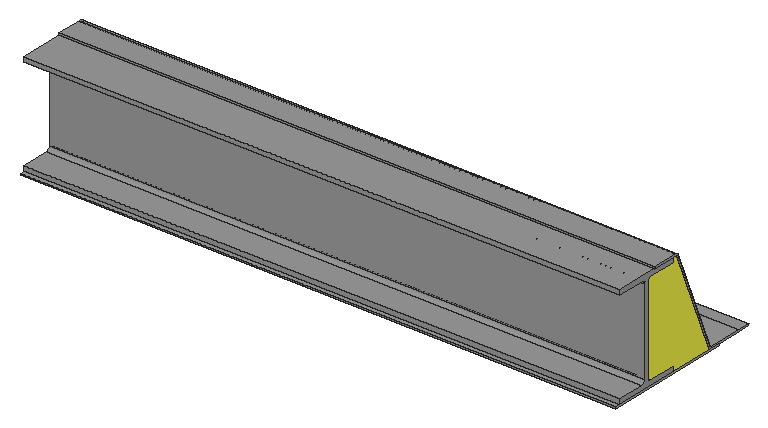
Revit family "XK 90 WIL", category Generic Models, Revit 2014
Parameters (values of type "Max lintel length 6600mm")
  URL = "http://www.keystonelintels.co.uk"
  Structural Opening [instance] = 900 mm
  Structural Performance = "The Keystone lintel range has safe working loads as detailed in each applicable loading table in the Keystone Lintel Guide brochure. The structural performance figures within each table have been ascertained by testing in accordance with the requirements of standards BS EN 5977-2: 1983 and BS EN 845-2: 2003."
  RIBA Productor Selector = "available for Keystone Lintels Ltd from Keystone Lintels Ltd from ribaproductselector.com"
  Model = "X/K 90 WIL"
  Min Length = 600 mm
  Min Clear Span = 300 mm
  Max Length = 6600 mm
  Max Clear Span = 6600 mm
  Material - Stainless Steel = "Grade 304 2b 1.4307 to BS EN 10088-2. Other grades available on request: contact manufacturer."
  Material - Galvanised Steel = "To BS EN 10346: 2009. DX51D plus Z600 or grade Z275 to BS 5977-2: 1983 (BS EN 845-2: 2003)."
  Manufacturer = "Keystone"
  Manufactured Length [instance] = (roundup(Effective Length / 150 mm) * 150 mm)  # 1200 mm
  Lintel height [instance] = 2100 mm
  Keynote = "F30/755"
  Fire Performance = "Keystone lintels have been subjected to a fire test (WARRES No. 101263) in accordance with BS 476-20: 1987, at Exova Warrington Fire and achieved a one hour fire performance."
  End Bearing = 150 mm
  Effective Length [instance] = Clear Opening with MIN MAX set + End Bearing * 2  # 1200 mm
  Corrosion = "Keystone’s standard range of lintels are manufactured from high quality grade pre-galvanized carbon steel with a zinc coating of 600"
  Contact Tel = "+44 (0)28 8676 2184"
  Contact Email = "info@keystonelintels.co.uk"
  Clear Opening with MIN MAX set [instance] = if(Structural Opening < Min Clear Span, Min Clear Span, (if(Structural Opening > Max Clear Span, Max Clear Span, Structural Opening)))  # 900 mm
  CPD Information = "Available for Keystone Lintels Ltd from ribacpd.com"
Reference planes
  plane 1 "Center (Front/Back)": y = 0
  plane 2: z = 0
  plane 3 "Center (Left/Right)": x = 0
  plane 4: x = -600
  plane 5: x = 600
  plane 6: z = 2100
  plane 7: x = -450
  plane 8: x = 450
Forms (mm)
  Extrusion 1, solid, material "Steel"
    sketch origin (0, 690.489, -506.841) x (0, 1, 0) y (0, 0, 1)
      loop
        line (-575.067, 2606.841) -> (-550.081, 2605.979) -> (-550.026, 2609.179) -> (-574.992, 2610.04) -> (-645.135, 2610.04)
        arc (-645.135, 2610.04) -> (-646.143, 2610.349) -> (-646.805, 2611.169) r 1.8
        line (-646.805, 2611.169) -> (-728.26, 2813.745)
        arc (-728.26, 2813.745) -> (-730.178, 2815.999) -> (-733.016, 2816.842) r 5.2
        line (-733.016, 2816.842) -> (-786.016, 2816.842) -> (-786.016, 2813.642) -> (-733.016, 2813.642)
        arc (-733.016, 2813.642) -> (-731.942, 2813.329) -> (-731.204, 2812.489) r 2
        line (-731.204, 2812.489) -> (-649.774, 2609.977)
        arc (-649.774, 2609.977) -> (-647.935, 2607.699) -> (-645.135, 2606.841) r 4.999
        line (-645.135, 2606.841) -> (-575.067, 2606.841)
    from -600 to 600
  Extrusion 2, solid, material "Steel"
    sketch origin (0, 690.489, -506.841) x (0, 1, 0) y (0, 0, 1)
      loop
        line (-873.946, 2606.841) -> (-740.046, 2606.841) -> (-740.046, 2616.441) -> (-796.196, 2616.441)
        arc (-796.196, 2616.441) -> (-801.57, 2618.667) -> (-803.796, 2624.041) r 7.6
        line (-803.796, 2624.041) -> (-803.796, 2796.441)
        arc (-803.796, 2796.441) -> (-801.57, 2801.815) -> (-796.196, 2804.041) r 7.6
        line (-796.196, 2804.041) -> (-740.046, 2804.041) -> (-740.046, 2813.641) -> (-873.946, 2813.641) -> (-873.946, 2804.041) -> (-817.796, 2804.041)
        arc (-817.796, 2804.041) -> (-812.422, 2801.815) -> (-810.196, 2796.441) r 7.6
        line (-810.196, 2796.441) -> (-810.196, 2624.041)
        arc (-810.196, 2624.041) -> (-812.422, 2618.667) -> (-817.796, 2616.441) r 7.6
        line (-817.796, 2616.441) -> (-873.946, 2616.441) -> (-873.946, 2606.841)
    from -600 to 600
  Extrusion 3, solid, material "Steel"
    sketch origin (0, 690.489, -506.841) x (0, 1, 0) y (0, 0, 1)
      loop
        line (-623.946, 2603.641) -> (-623.946, 2606.841) -> (-883.946, 2606.841) -> (-883.946, 2603.641) -> (-623.946, 2603.641)
    from -600 to 600
  Extrusion 4, solid, material "Insulation"
    sketch origin (0, 690.489, -506.841) x (0, 1, 0) y (0, 0, 1)
      loop
        line (-740.046, 2606.841) -> (-645.135, 2606.841)
        arc (-645.135, 2606.841) -> (-647.935, 2607.698) -> (-649.774, 2609.976) r 5
        line (-649.774, 2609.976) -> (-731.204, 2812.487)
        arc (-731.204, 2812.487) -> (-731.942, 2813.328) -> (-733.016, 2813.641) r 2
        line (-733.016, 2813.641) -> (-740.046, 2813.641) -> (-740.046, 2804.041) -> (-796.196, 2804.041)
        arc (-796.196, 2804.041) -> (-801.57, 2801.815) -> (-803.796, 2796.441) r 7.6
        line (-803.796, 2796.441) -> (-803.796, 2624.041)
        arc (-803.796, 2624.041) -> (-801.57, 2618.667) -> (-796.196, 2616.441) r 7.6
        line (-796.196, 2616.441) -> (-740.046, 2616.441) -> (-740.046, 2606.841)
    from -600 to 600
  Extrusion 5, solid, not visible
    sketch origin (0, 1173.002, 1297.752) x (0, 1, 0) y (0, 0, 1)
      loop
        line (-575.067, 1006.841) -> (-550.081, 1005.979) -> (-550.026, 1009.179) -> (-574.992, 1010.04) -> (-645.135, 1010.041)
        arc (-645.135, 1010.041) -> (-646.143, 1010.35) -> (-646.805, 1011.17) r 1.8
        line (-646.805, 1011.17) -> (-728.26, 1213.743)
        arc (-728.26, 1213.743) -> (-730.178, 1215.998) -> (-733.016, 1216.841) r 5.2
        line (-733.016, 1216.841) -> (-786.016, 1216.841) -> (-786.016, 1213.641) -> (-733.016, 1213.641)
        arc (-733.016, 1213.641) -> (-731.942, 1213.328) -> (-731.204, 1212.487) r 2
        line (-731.204, 1212.487) -> (-649.774, 1009.976)
        arc (-649.774, 1009.976) -> (-647.935, 1007.698) -> (-645.135, 1006.841) r 5
        line (-645.135, 1006.841) -> (-575.067, 1006.841)
    from 0 to 250
  Extrusion 6, solid, not visible
    sketch origin (0, 574.466, 1287.592) x (0, 1, 0) y (0, 0, 1)
      loop
        line (-873.946, 1006.841) -> (-740.046, 1006.841) -> (-740.046, 1016.441) -> (-796.196, 1016.441)
        arc (-796.196, 1016.441) -> (-801.57, 1018.667) -> (-803.796, 1024.041) r 7.6
        line (-803.796, 1024.041) -> (-803.796, 1196.441)
        arc (-803.796, 1196.441) -> (-801.57, 1201.815) -> (-796.196, 1204.041) r 7.6
        line (-796.196, 1204.041) -> (-740.046, 1204.041) -> (-740.046, 1213.641) -> (-873.946, 1213.641) -> (-873.946, 1204.041) -> (-817.796, 1204.041)
        arc (-817.796, 1204.041) -> (-812.422, 1201.815) -> (-810.196, 1196.441) r 7.6
        line (-810.196, 1196.441) -> (-810.196, 1024.041)
        arc (-810.196, 1024.041) -> (-812.422, 1018.667) -> (-817.796, 1016.441) r 7.6
        line (-817.796, 1016.441) -> (-873.946, 1016.441) -> (-873.946, 1006.841)
    from 0 to 250
  Extrusion 7, solid, not visible
    sketch origin (0, 1071.934, 953.288) x (0, 1, 0) y (0, 0, 1)
      loop
        line (-623.946, 1003.641) -> (-623.946, 1006.841) -> (-883.946, 1006.841) -> (-883.946, 1003.641) -> (-623.946, 1003.641)
    from 0 to 250
  Extrusion 8, solid, not visible
    sketch origin (0, 550.846, 751.448) x (0, 1, 0) y (0, 0, 1)
      loop
        line (-740.046, 1006.841) -> (-645.135, 1006.841)
        arc (-645.135, 1006.841) -> (-647.935, 1007.698) -> (-649.774, 1009.976) r 5
        line (-649.774, 1009.976) -> (-731.204, 1212.487)
        arc (-731.204, 1212.487) -> (-731.942, 1213.328) -> (-733.016, 1213.641) r 2
        line (-733.016, 1213.641) -> (-740.046, 1213.641) -> (-740.046, 1204.041) -> (-796.196, 1204.041)
        arc (-796.196, 1204.041) -> (-801.57, 1201.815) -> (-803.796, 1196.441) r 7.6
        line (-803.796, 1196.441) -> (-803.796, 1024.041)
        arc (-803.796, 1024.041) -> (-801.57, 1018.667) -> (-796.196, 1016.441) r 7.6
        line (-796.196, 1016.441) -> (-740.046, 1016.441) -> (-740.046, 1006.841)
    from 0 to 250
Dimensions and locks
  equal spacing: plane 4, plane 3 "Center (Left/Right)", plane 5
  "Manufactured Length": plane 4 to plane 5
  "Lintel height": plane 6 to level
  "Structural Opening": plane 7 to plane 8
  equal spacing: plane 7, plane 3 "Center (Left/Right)", plane 8
  aligned and locked: level to plane 2
  aligned and locked: Extrusion 1 to plane 6
  aligned and locked: Extrusion 4 to plane 6
  aligned and locked: Extrusion 2 to plane 6
  aligned and locked: plane 6 to Extrusion 3
  aligned and locked: plane 5 to Extrusion 3
  aligned and locked: Extrusion 3 to plane 4
  aligned and locked: plane 5 to Extrusion 2
  aligned and locked: Extrusion 2 to plane 4
  aligned and locked: plane 5 to Extrusion 1
  aligned and locked: Extrusion 1 to plane 4
  aligned and locked: plane 5 to Extrusion 4
  aligned and locked: Extrusion 4 to plane 4
Automatic sketch dimensions
  Extrusion 1 sketch curve to Extrusion 1 sketch curve = 24.985 mm
  Extrusion 1 sketch curve to Extrusion 1 sketch curve = 0.055 mm
  Extrusion 1 sketch curve to Extrusion 1 sketch curve = 0.862 mm
  Extrusion 1 sketch curve to Extrusion 1 sketch curve = 3.2 mm
  Extrusion 1 sketch curve to Extrusion 1 sketch curve = 0.074 mm
  Extrusion 1 sketch curve to Extrusion 1 sketch curve = 3.199 mm  (x2)
  Extrusion 1 sketch curve to Extrusion 1 sketch curve = 70.069 mm
  Extrusion 1 sketch curve to Extrusion 1 sketch curve = 0 mm  (x7)
  Extrusion 1 sketch curve to Extrusion 1 sketch curve = 1.8 mm
  Extrusion 1 sketch curve to Extrusion 1 sketch curve = 4.639 mm
  Extrusion 1 sketch curve to Extrusion 1 sketch curve = 81.43 mm
  Extrusion 1 sketch curve to Extrusion 1 sketch curve = 202.512 mm
  Extrusion 1 sketch curve to Extrusion 1 sketch curve = 1.67 mm
  Extrusion 1 sketch curve to Extrusion 1 sketch curve = 2.944 mm
  Extrusion 1 sketch curve to Extrusion 1 sketch curve = 1.256 mm
  Extrusion 1 sketch curve to Extrusion 1 sketch curve = 1.812 mm
  Extrusion 1 sketch curve to Extrusion 1 sketch curve = 0.846 mm
  Extrusion 1 sketch curve to Extrusion 1 sketch curve = 53 mm
  Extrusion 2 sketch curve to Extrusion 2 sketch curve = 133.9 mm
  Extrusion 2 sketch curve to Extrusion 2 sketch curve = 9.6 mm  (x2)
  Extrusion 2 sketch curve to Extrusion 2 sketch curve = 56.15 mm  (x3)
  Extrusion 2 sketch curve to Extrusion 2 sketch curve = 7.6 mm  (x5)
  Extrusion 2 sketch curve to Extrusion 2 sketch curve = 14 mm
  Extrusion 2 sketch curve to Extrusion 2 sketch curve = 172.4 mm
  Extrusion 2 sketch curve to Extrusion 2 sketch curve = 0 mm
  Extrusion 3 sketch curve to Extrusion 3 sketch curve = 260 mm
  Extrusion 3 sketch curve to Extrusion 3 sketch curve = 3.2 mm
  Extrusion 4 sketch curve to Extrusion 4 sketch curve = 7.6 mm  (x3)
  Extrusion 4 sketch curve to Extrusion 4 sketch curve = 56.15 mm  (x2)
  Extrusion 4 sketch curve to Extrusion 4 sketch curve = 7.03 mm
  Extrusion 4 sketch curve to Extrusion 4 sketch curve = 1.812 mm
  Extrusion 4 sketch curve to Extrusion 4 sketch curve = 90.272 mm
  Extrusion 4 sketch curve to Extrusion 4 sketch curve = 4.639 mm
  Extrusion 4 sketch curve to Extrusion 4 sketch curve = 3.135 mm
  Extrusion 4 sketch curve to Extrusion 4 sketch curve = 9.6 mm
  Extrusion 4 sketch curve to Extrusion 4 sketch curve = 172.4 mm
  Extrusion 4 sketch curve to Extrusion 4 sketch curve = 0.846 mm
  Extrusion 5 sketch curve to Extrusion 5 sketch curve = 24.985 mm
  Extrusion 5 sketch curve to Extrusion 5 sketch curve = 0.055 mm
  Extrusion 5 sketch curve to Extrusion 5 sketch curve = 0.862 mm
  Extrusion 5 sketch curve to Extrusion 5 sketch curve = 3.2 mm  (x2)
  Extrusion 5 sketch curve to Extrusion 5 sketch curve = 0.074 mm
  Extrusion 5 sketch curve to Extrusion 5 sketch curve = 3.199 mm
  Extrusion 5 sketch curve to Extrusion 5 sketch curve = 70.069 mm
  Extrusion 5 sketch curve to Extrusion 5 sketch curve = 0 mm  (x7)
  Extrusion 5 sketch curve to Extrusion 5 sketch curve = 1.8 mm
  Extrusion 5 sketch curve to Extrusion 5 sketch curve = 4.639 mm
  Extrusion 5 sketch curve to Extrusion 5 sketch curve = 81.43 mm
  Extrusion 5 sketch curve to Extrusion 5 sketch curve = 202.512 mm
  Extrusion 5 sketch curve to Extrusion 5 sketch curve = 1.67 mm
  Extrusion 5 sketch curve to Extrusion 5 sketch curve = 2.944 mm
  Extrusion 5 sketch curve to Extrusion 5 sketch curve = 1.256 mm
  Extrusion 5 sketch curve to Extrusion 5 sketch curve = 1.812 mm
  Extrusion 5 sketch curve to Extrusion 5 sketch curve = 0.846 mm
  Extrusion 5 sketch curve to Extrusion 5 sketch curve = 53 mm
  Extrusion 6 sketch curve to Extrusion 6 sketch curve = 133.9 mm
  Extrusion 6 sketch curve to Extrusion 6 sketch curve = 9.6 mm  (x2)
  Extrusion 6 sketch curve to Extrusion 6 sketch curve = 56.15 mm  (x3)
  Extrusion 6 sketch curve to Extrusion 6 sketch curve = 7.6 mm  (x5)
  Extrusion 6 sketch curve to Extrusion 6 sketch curve = 14 mm
  Extrusion 6 sketch curve to Extrusion 6 sketch curve = 172.4 mm
  Extrusion 6 sketch curve to Extrusion 6 sketch curve = 0 mm
  Extrusion 7 sketch curve to Extrusion 7 sketch curve = 260 mm
  Extrusion 7 sketch curve to Extrusion 7 sketch curve = 3.2 mm
  Extrusion 8 sketch curve to Extrusion 8 sketch curve = 7.6 mm  (x3)
  Extrusion 8 sketch curve to Extrusion 8 sketch curve = 56.15 mm  (x2)
  Extrusion 8 sketch curve to Extrusion 8 sketch curve = 7.03 mm
  Extrusion 8 sketch curve to Extrusion 8 sketch curve = 1.812 mm
  Extrusion 8 sketch curve to Extrusion 8 sketch curve = 90.272 mm
  Extrusion 8 sketch curve to Extrusion 8 sketch curve = 4.639 mm
  Extrusion 8 sketch curve to Extrusion 8 sketch curve = 3.135 mm
  Extrusion 8 sketch curve to Extrusion 8 sketch curve = 9.6 mm
  Extrusion 8 sketch curve to Extrusion 8 sketch curve = 172.4 mm
  Extrusion 8 sketch curve to Extrusion 8 sketch curve = 0.846 mm
  Extrusion 4 sketch curve to plane 6 = 0 mm
  plane 1 "Center (Front/Back)" to Extrusion 4 sketch curve = 113.307 mm
  Extrusion 1 sketch curve to plane 6 = 0 mm
  plane 1 "Center (Front/Back)" to Extrusion 1 sketch curve = 95.527 mm
  Extrusion 2 sketch curve to plane 6 = 0 mm
  plane 1 "Center (Front/Back)" to Extrusion 2 sketch curve = 183.457 mm
  Extrusion 3 sketch curve to plane 6 = 0 mm
  plane 1 "Center (Front/Back)" to Extrusion 3 sketch curve = 193.457 mm
